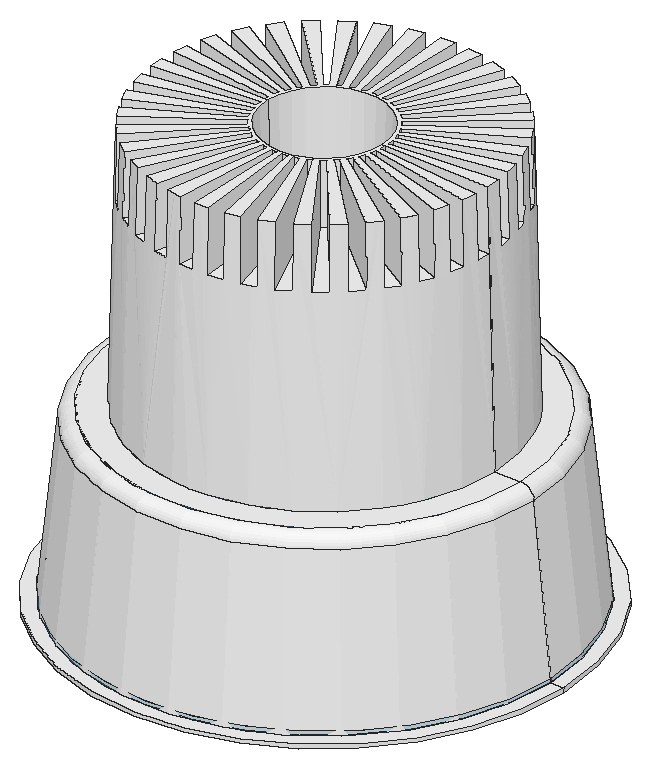
Revit family "RA 8 L TL DIXIT LED", category Lighting Fixtures, host Ceiling, Revit 2019
Family settings
  Host = Ceiling
  Round Connector Dimension = Use Diameter
  Part Type = Normal
  OmniClass Number = 23.80.70.11
  OmniClass Title = Luminaries for Internal Lighting
  Always vertical = No
  Cut with Voids When Loaded = No
  Light Source = Yes
  Shared = No
  Room Calculation Point = No
Parameters (values of type "RA 8 L TL DIXIT LED 550lm 5.5W 3000K CRI90 26° Refl-WHITE-DALI")
  Wattage = 3.70266 W
  built-in parameter 1150110 = 1 (stored number, unit not read)
  URL = "https://www.aria.lighting/prodotti/interni/incassi/ra-8-tl-ra-8-l-tl-dixit-led"
  Type Image = RA8L_TL_DIXIT_LED_TAB-Sito-Ivela.jpg
  Type Comments = "Ceiling recessed light"
  Tilt Angle = 90.00°
  Photometric Web File = "RA 8 DIXIT LED 5,5W 550lm 3000K CRI90 26°.IES"
  built-in parameter 1150142 = "IESNA:LM-63-2002\r\n[TEST] 238-25 TYRA S/06-10-2016 / Ferrandino\r\n[TESTLAB] ies2eulumdat.appspot.com\r\n[ISSUEDATE] 2021-07-22T10:29:50.313\r\n[MANUFAC] IVELA SpA\r\n[LUMCAT] 237-239BN\r\n[LUMINAIRE] RA 8 D. L. 5,5W 550lm 3K CRI90 26°\r\n[LAMPCAT] LED- RA8 5,5W 3K 90\r\n[LAMP] LED- RA8 5,5W 3K 90\r\nTILT=NONE\r\n1\t501\t1\t37\t1\t1\t2\t-0.050\t-0.050\t0\r\n1.0\t1.0\t5.00\r\n0\t 5\t 10\t 15\t 20\t 25\t 30\t 35\t 40\t 45\r\n50\t 55\t 60\t 65\t 70\t 75\t 80\t 85\t 90\t 95\r\n100\t 105\t 110\t 115\t 120\t 125\t 130\t 135\t 140\t 145\r\n150\t 155\t 160\t 165\t 170\t 175\t 180\r\n0\r\n1297.0381\t1146.3959\t878.4815\t615.3282\t434.0124\t294.5876\t178.045\t69.3955\t27.7209\t18.4187\r\n13.1715\t10.2631\t8.2253\t6.6452\t4.8323\t3.3953\t1.9671\t0.8345\t0\t0\r\n0\t0\t0\t0\t0\t0\t0\t0\t0\t0\r\n0\t0\t0\t0\t0\t0\t0"
  Model = "234-239BN-21"
  Manufacturer = "ARIA"
  Larghezza = 96 mm
  Lamp = "LED 550lm 5.5W 3000K CRI90"
  built-in parameter 1114217 = 1 (stored number, unit not read)
  built-in parameter 1150109 = 1 (stored number, unit not read)
  Wattage Comments = "5.5"
  built-in parameter 1150134 = (empty or 0)
  built-in parameter 1150113 = 1 (stored number, unit not read)
  Lumens = 550 lm
  built-in parameter 1150115 = 1 (stored number, unit not read)
  built-in parameter 1150105 = 1423.9 (stored number, unit not read)
  built-in parameter 1150137 = (empty or 0)
  built-in parameter 1150139 = (empty or 0)
  built-in parameter 1150112 = 1 (stored number, unit not read)
  built-in parameter 1150114 = 1 (stored number, unit not read)
  built-in parameter 1150132 = 2
  built-in parameter 1150102 = (empty or 0)
  built-in parameter 1150138 = (empty or 0)
  built-in parameter 1150107 = 3000 (stored number, unit not read)
  built-in parameter 1150106 = 14.239 (stored number, unit not read)
  Glass material = Glass
  built-in parameter 1150104 = 13.8 (stored number, unit not read)
  Effective Intensity (lm) = 501
  Dimming Lamp Color Temperature Shift = <None>
  Description = "Incassi professionali ad ottica fissa, in grado di offrire elevate prestazioni illuminotecniche grazie all’utilizzo di sorgenti LED COB di ultima generazione e ad un’accurata progettazione. \r\nLa finitura a filo soffitto che caratterizza RA 8 TL Dixit LED, fa si che la luce si integri negli ambienti e ne diventi protagonista in modo morbido e non invasivo. La varietà di fasci di luce degli apparecchi permette di illuminare in modo diretto e ben controllato piccole e grandi superfici. L’elevato rendimento luminoso di RA 8 TL Dixit LED si coniuga con contenuti valori di luminanza e livelli di abbagliamento estremamente ridotti, consentendo un ottimo comfort visivo.\r\nI driver sono da ordinare separatamente, la potenza dell’apparecchio varia a seconda del driver scelto.\r\nGrado di protezione IP44."
  Corrente driver (mA) = "350mA dimmerabile DALI"
  Color Filter = 16777215
  Codice = "234-239BN-21"
  CRI L'indice di Resa Cromatica = "90"
  Body material = White Powder Coated Aluminium
  Beam angle (°) = "26° Refl."
  built-in parameter 1114218 = 1 (stored number, unit not read)
  built-in parameter 1150133 = 10 (stored number, unit not read)
Types (12, lengths in mm): name | Wattage | Photometric Web File | built-in parameter 1150142 | Lamp | Wattage Comments | Lumens | built-in parameter 1150105 | built-in parameter 1150106 | Effective Intensity (lm) | Corrente driver (mA) | Beam angle (°)
  RA 8 L TL DIXIT LED 550lm 5.5W 3000K CRI90 26° Refl-WHITE-regolabile | 3.70266 W | "RA 8 DIXIT LED 5,5W 550lm 3000K CRI90 26°.IES" | "IESNA:LM-63-2002\r\n[TEST] 238-25 TYRA S/06-10-2016 / Ferrandino\r\n[TESTLAB] ies2eulumdat.appspot.com\r\n[ISSUEDATE] 2021-07-22T10:29:50.313\r\n[MANUFAC] IVELA SpA\r\n[LUMCAT] 237-239BN\r\n[LUMINAIRE] RA 8 D. L. 5,5W 550lm 3K CRI90 26°\r\n[LAMPCAT] LED- RA8 5,5W 3K 90\r\n[LAMP] LED- RA8 5,5W 3K 90\r\nTILT=NONE\r\n1\t501\t1\t37\t1\t1\t2\t-0.050\t-0.050\t0\r\n1.0\t1.0\t5.00\r\n0\t 5\t 10\t 15\t 20\t 25\t 30\t 35\t 40\t 45\r\n50\t 55\t 60\t 65\t 70\t 75\t 80\t 85\t 90\t 95\r\n100\t 105\t 110\t 115\t 120\t 125\t 130\t 135\t 140\t 145\r\n150\t 155\t 160\t 165\t 170\t 175\t 180\r\n0\r\n1297.0381\t1146.3959\t878.4815\t615.3282\t434.0124\t294.5876\t178.045\t69.3955\t27.7209\t18.4187\r\n13.1715\t10.2631\t8.2253\t6.6452\t4.8323\t3.3953\t1.9671\t0.8345\t0\t0\r\n0\t0\t0\t0\t0\t0\t0\t0\t0\t0\r\n0\t0\t0\t0\t0\t0\t0" | "LED 550lm 5.5W 3000K CRI90" | "5.5" | 550 lm | 1423.9 (stored number, unit not read) | 14.239 (stored number, unit not read) | 501 | "350mA regolabile sul taglio di fase e 1-10V" | "26° Refl."
  RA 8 L TL DIXIT LED 550lm 5.5W 3000K CRI90 45° Refl-WHITE-regolabile | 3.70266 W | "RA 8 DIXIT LED 5,5W 550lm 3000K CRI90 45°.IES" | "IESNA:LM-63-2002\r\n[TEST] 238-25 TYRA W/03-10-2016 / Ferrandino\r\n[TESTLAB] ies2eulumdat.appspot.com\r\n[ISSUEDATE] 2021-07-22T10:30:11.921\r\n[MANUFAC] IVELA SpA\r\n[LUMCAT] 237-239BN\r\n[LUMINAIRE] RA 8 D. L. 5,5W 550lm 3K CRI90 45°\r\n[LAMPCAT] LED- RA8 5,5W 3K 90\r\n[LAMP] LED- RA8 5,5W 3K 90\r\nTILT=NONE\r\n1\t501\t1\t37\t1\t1\t2\t-0.050\t-0.050\t0\r\n1.0\t1.0\t5.00\r\n0\t 5\t 10\t 15\t 20\t 25\t 30\t 35\t 40\t 45\r\n50\t 55\t 60\t 65\t 70\t 75\t 80\t 85\t 90\t 95\r\n100\t 105\t 110\t 115\t 120\t 125\t 130\t 135\t 140\t 145\r\n150\t 155\t 160\t 165\t 170\t 175\t 180\r\n0\r\n837.9074\t800.3888\t713.8317\t598.3055\t477.6929\t357.4668\t223.6625\t85.3976\t31.9828\t19.2714\r\n12.9141\t10.2246\t8.0051\t5.2746\t3.9476\t2.7007\t1.6144\t0.6785\t0\t0\r\n0\t0\t0\t0\t0\t0\t0\t0\t0\t0\r\n0\t0\t0\t0\t0\t0\t0" | "LED 550lm 5.5W 3000K CRI90" | "5.5" | 550 lm | 1423.9 (stored number, unit not read) | 14.239 (stored number, unit not read) | 501 | "350mA regolabile sul taglio di fase e 1-10V" | "45° Refl."
  RA 8 L TL DIXIT LED 550lm 5.5W 3000K CRI90 65° Refl-WHITE-regolabile | 3.70266 W | "RA 8 DIXIT LED 5,5W 550lm 3000K CRI90 65°.IES" | "IESNA:LM-63-2002\r\n[TEST] 238-25 TYRA XW/05-10-2016 / Ferrandino\r\n[TESTLAB] ies2eulumdat.appspot.com\r\n[ISSUEDATE] 2021-07-22T10:30:42.327\r\n[MANUFAC] IVELA SpA\r\n[LUMCAT] 237-239BN\r\n[LUMINAIRE] RA 8 D. L. 5,5W 550lm 3K CRI90 65°\r\n[LAMPCAT] LED- RA8 5,5W 3K 90\r\n[LAMP] LED- RA8 5,5W 3K 90\r\nTILT=NONE\r\n1\t501\t1\t37\t1\t1\t2\t-0.050\t-0.050\t0\r\n1.0\t1.0\t5.00\r\n0\t 5\t 10\t 15\t 20\t 25\t 30\t 35\t 40\t 45\r\n50\t 55\t 60\t 65\t 70\t 75\t 80\t 85\t 90\t 95\r\n100\t 105\t 110\t 115\t 120\t 125\t 130\t 135\t 140\t 145\r\n150\t 155\t 160\t 165\t 170\t 175\t 180\r\n0\r\n385.0697\t381.5809\t370.115\t351.8088\t331.4738\t305.9306\t245.2124\t156.0993\t99.4791\t74.1479\r\n56.1782\t41.3108\t29.7634\t20.9699\t13.0693\t7.4013\t4.084\t1.6073\t0\t0\r\n0\t0\t0\t0\t0\t0\t0\t0\t0\t0\r\n0\t0\t0\t0\t0\t0\t0" | "LED 550lm 5.5W 3000K CRI90" | "5.5" | 550 lm | 1423.9 (stored number, unit not read) | 14.239 (stored number, unit not read) | 501 | "350mA regolabile sul taglio di fase e 1-10V" | "65° Refl."
  RA 8 L TL DIXIT LED 550lm 5.5W 3000K CRI90 26° Refl-WHITE-DALI | 3.70266 W | "RA 8 DIXIT LED 5,5W 550lm 3000K CRI90 26°.IES" | "IESNA:LM-63-2002\r\n[TEST] 238-25 TYRA S/06-10-2016 / Ferrandino\r\n[TESTLAB] ies2eulumdat.appspot.com\r\n[ISSUEDATE] 2021-07-22T10:29:50.313\r\n[MANUFAC] IVELA SpA\r\n[LUMCAT] 237-239BN\r\n[LUMINAIRE] RA 8 D. L. 5,5W 550lm 3K CRI90 26°\r\n[LAMPCAT] LED- RA8 5,5W 3K 90\r\n[LAMP] LED- RA8 5,5W 3K 90\r\nTILT=NONE\r\n1\t501\t1\t37\t1\t1\t2\t-0.050\t-0.050\t0\r\n1.0\t1.0\t5.00\r\n0\t 5\t 10\t 15\t 20\t 25\t 30\t 35\t 40\t 45\r\n50\t 55\t 60\t 65\t 70\t 75\t 80\t 85\t 90\t 95\r\n100\t 105\t 110\t 115\t 120\t 125\t 130\t 135\t 140\t 145\r\n150\t 155\t 160\t 165\t 170\t 175\t 180\r\n0\r\n1297.0381\t1146.3959\t878.4815\t615.3282\t434.0124\t294.5876\t178.045\t69.3955\t27.7209\t18.4187\r\n13.1715\t10.2631\t8.2253\t6.6452\t4.8323\t3.3953\t1.9671\t0.8345\t0\t0\r\n0\t0\t0\t0\t0\t0\t0\t0\t0\t0\r\n0\t0\t0\t0\t0\t0\t0" | "LED 550lm 5.5W 3000K CRI90" | "5.5" | 550 lm | 1423.9 (stored number, unit not read) | 14.239 (stored number, unit not read) | 501 | "350mA dimmerabile DALI" | "26° Refl."
  RA 8 L TL DIXIT LED 550lm 5.5W 3000K CRI90 45° Refl-WHITE-DALI | 3.70266 W | "RA 8 DIXIT LED 5,5W 550lm 3000K CRI90 45°.IES" | "IESNA:LM-63-2002\r\n[TEST] 238-25 TYRA W/03-10-2016 / Ferrandino\r\n[TESTLAB] ies2eulumdat.appspot.com\r\n[ISSUEDATE] 2021-07-22T10:30:11.921\r\n[MANUFAC] IVELA SpA\r\n[LUMCAT] 237-239BN\r\n[LUMINAIRE] RA 8 D. L. 5,5W 550lm 3K CRI90 45°\r\n[LAMPCAT] LED- RA8 5,5W 3K 90\r\n[LAMP] LED- RA8 5,5W 3K 90\r\nTILT=NONE\r\n1\t501\t1\t37\t1\t1\t2\t-0.050\t-0.050\t0\r\n1.0\t1.0\t5.00\r\n0\t 5\t 10\t 15\t 20\t 25\t 30\t 35\t 40\t 45\r\n50\t 55\t 60\t 65\t 70\t 75\t 80\t 85\t 90\t 95\r\n100\t 105\t 110\t 115\t 120\t 125\t 130\t 135\t 140\t 145\r\n150\t 155\t 160\t 165\t 170\t 175\t 180\r\n0\r\n837.9074\t800.3888\t713.8317\t598.3055\t477.6929\t357.4668\t223.6625\t85.3976\t31.9828\t19.2714\r\n12.9141\t10.2246\t8.0051\t5.2746\t3.9476\t2.7007\t1.6144\t0.6785\t0\t0\r\n0\t0\t0\t0\t0\t0\t0\t0\t0\t0\r\n0\t0\t0\t0\t0\t0\t0" | "LED 550lm 5.5W 3000K CRI90" | "5.5" | 550 lm | 1423.9 (stored number, unit not read) | 14.239 (stored number, unit not read) | 501 | "350mA dimmerabile DALI" | "45° Refl."
  RA 8 L TL DIXIT LED 550lm 5.5W 3000K CRI90 65° Refl-WHITE-DALI | 3.70266 W | "RA 8 DIXIT LED 5,5W 550lm 3000K CRI90 65°.IES" | "IESNA:LM-63-2002\r\n[TEST] 238-25 TYRA XW/05-10-2016 / Ferrandino\r\n[TESTLAB] ies2eulumdat.appspot.com\r\n[ISSUEDATE] 2021-07-22T10:30:42.327\r\n[MANUFAC] IVELA SpA\r\n[LUMCAT] 237-239BN\r\n[LUMINAIRE] RA 8 D. L. 5,5W 550lm 3K CRI90 65°\r\n[LAMPCAT] LED- RA8 5,5W 3K 90\r\n[LAMP] LED- RA8 5,5W 3K 90\r\nTILT=NONE\r\n1\t501\t1\t37\t1\t1\t2\t-0.050\t-0.050\t0\r\n1.0\t1.0\t5.00\r\n0\t 5\t 10\t 15\t 20\t 25\t 30\t 35\t 40\t 45\r\n50\t 55\t 60\t 65\t 70\t 75\t 80\t 85\t 90\t 95\r\n100\t 105\t 110\t 115\t 120\t 125\t 130\t 135\t 140\t 145\r\n150\t 155\t 160\t 165\t 170\t 175\t 180\r\n0\r\n385.0697\t381.5809\t370.115\t351.8088\t331.4738\t305.9306\t245.2124\t156.0993\t99.4791\t74.1479\r\n56.1782\t41.3108\t29.7634\t20.9699\t13.0693\t7.4013\t4.084\t1.6073\t0\t0\r\n0\t0\t0\t0\t0\t0\t0\t0\t0\t0\r\n0\t0\t0\t0\t0\t0\t0" | "LED 550lm 5.5W 3000K CRI90" | "5.5" | 550 lm | 1423.9 (stored number, unit not read) | 14.239 (stored number, unit not read) | 501 | "350mA dimmerabile DALI" | "65° Refl."
  RA 8 L TL DIXIT LED 700lm 8.5W 3000K CRI90 26° Refl-WHITE-regolabile | 4.71247 W | "RA 8 DIXIT LED 8,5W 700lm 3000K CRI90 26°.IES" | "IESNA:LM-63-2002\r\n[TEST] 238-25 TYRA S/06-10-2016 / Ferrandino\r\n[TESTLAB] ies2eulumdat.appspot.com\r\n[ISSUEDATE] 2021-07-22T10:31:11.086\r\n[MANUFAC] IVELA SpA\r\n[LUMCAT] 237-239BN\r\n[LUMINAIRE] RA 8 DIXIT LED 8,5W 700 lm 26°\r\n[LAMPCAT] LED- RA 8 8,5W 3K\r\n[LAMP] LED- RA 8 8,5W 3K\r\nTILT=NONE\r\n1\t638\t1\t37\t1\t1\t2\t-0.050\t-0.050\t0\r\n1.0\t1.0\t8.00\r\n0\t 5\t 10\t 15\t 20\t 25\t 30\t 35\t 40\t 45\r\n50\t 55\t 60\t 65\t 70\t 75\t 80\t 85\t 90\t 95\r\n100\t 105\t 110\t 115\t 120\t 125\t 130\t 135\t 140\t 145\r\n150\t 155\t 160\t 165\t 170\t 175\t 180\r\n0\r\n1651.7172\t1459.8814\t1118.705\t783.5916\t552.6944\t375.1435\t226.7319\t88.3719\t35.3013\t23.4554\r\n16.7733\t13.0696\t10.4746\t8.4623\t6.1537\t4.3238\t2.505\t1.0627\t0\t0\r\n0\t0\t0\t0\t0\t0\t0\t0\t0\t0\r\n0\t0\t0\t0\t0\t0\t0" | "LED 700lm 8.5W 3000K CRI90" | "8.5" | 700 lm | 1812.2 (stored number, unit not read) | 18.122 (stored number, unit not read) | 638 | "500mA regolabile sul taglio di fase e 1-10V" | "26° Refl."
  RA 8 L TL DIXIT LED 700lm 8.5W 3000K CRI90 45° Refl-WHITE-regolabile | 4.71247 W | "RA 8 DIXIT LED 8,5W 700lm 3000K CRI90 45°.IES" | "IESNA:LM-63-2002\r\n[TEST] 238-25 TYRA W/03-10-2016 / Ferrandino\r\n[TESTLAB] ies2eulumdat.appspot.com\r\n[ISSUEDATE] 2021-07-22T10:31:36.906\r\n[MANUFAC] IVELA SpA\r\n[LUMCAT] 237-239BN\r\n[LUMINAIRE] RA 8 DIXIT LED 8,5W 700 lm 45°\r\n[LAMPCAT] LED- RA 8 8,5W 3K\r\n[LAMP] LED- RA 8 8,5W 3K\r\nTILT=NONE\r\n1\t638\t1\t37\t1\t1\t2\t-0.050\t-0.050\t0\r\n1.0\t1.0\t8.00\r\n0\t 5\t 10\t 15\t 20\t 25\t 30\t 35\t 40\t 45\r\n50\t 55\t 60\t 65\t 70\t 75\t 80\t 85\t 90\t 95\r\n100\t 105\t 110\t 115\t 120\t 125\t 130\t 135\t 140\t 145\r\n150\t 155\t 160\t 165\t 170\t 175\t 180\r\n0\r\n1067.0358\t1019.2576\t909.0312\t761.914\t608.3195\t455.2172\t284.8237\t108.7498\t40.7286\t24.5413\r\n16.4456\t13.0205\t10.1942\t6.7169\t5.0271\t3.4392\t2.0558\t0.864\t0\t0\r\n0\t0\t0\t0\t0\t0\t0\t0\t0\t0\r\n0\t0\t0\t0\t0\t0\t0" | "LED 700lm 8.5W 3000K CRI90" | "8.5" | 700 lm | 1812.2 (stored number, unit not read) | 18.122 (stored number, unit not read) | 638 | "500mA regolabile sul taglio di fase e 1-10V" | "45° Refl."
  RA 8 L TL DIXIT LED 700lm 8.5W 3000K CRI90 65° Refl-WHITE-regolabile | 4.71247 W | "RA 8 DIXIT LED 8,5W 700lm 3000K CRI90 65°.IES" | "IESNA:LM-63-2002\r\n[TEST] 238-25 TYRA XW/05-10-2016 / Ferrandino\r\n[TESTLAB] ies2eulumdat.appspot.com\r\n[ISSUEDATE] 2021-07-22T10:32:03.140\r\n[MANUFAC] IVELA SpA\r\n[LUMCAT] 237-239BN\r\n[LUMINAIRE] RA 8 DIXIT LED 8,5W 700 lm 65°\r\n[LAMPCAT] LED- RA 8 8,5W 3K\r\n[LAMP] LED- RA 8 8,5W 3K\r\nTILT=NONE\r\n1\t638\t1\t37\t1\t1\t2\t-0.050\t-0.050\t0\r\n1.0\t1.0\t8.00\r\n0\t 5\t 10\t 15\t 20\t 25\t 30\t 35\t 40\t 45\r\n50\t 55\t 60\t 65\t 70\t 75\t 80\t 85\t 90\t 95\r\n100\t 105\t 110\t 115\t 120\t 125\t 130\t 135\t 140\t 145\r\n150\t 155\t 160\t 165\t 170\t 175\t 180\r\n0\r\n490.3681\t485.9254\t471.3241\t448.012\t422.1163\t389.5883\t312.2665\t198.7852\t126.682\t94.4239\r\n71.5402\t52.6074\t37.9022\t26.7042\t16.6431\t9.4252\t5.2008\t2.0469\t0\t0\r\n0\t0\t0\t0\t0\t0\t0\t0\t0\t0\r\n0\t0\t0\t0\t0\t0\t0" | "LED 700lm 8.5W 3000K CRI90" | "8.5" | 700 lm | 1812.2 (stored number, unit not read) | 18.122 (stored number, unit not read) | 638 | "500mA regolabile sul taglio di fase e 1-10V" | "65° Refl."
  RA 8 L TL DIXIT LED 700lm 8.5W 3000K CRI90 26° Refl-WHITE-DALI | 4.71247 W | "RA 8 DIXIT LED 8,5W 700lm 3000K CRI90 26°.IES" | "IESNA:LM-63-2002\r\n[TEST] 238-25 TYRA S/06-10-2016 / Ferrandino\r\n[TESTLAB] ies2eulumdat.appspot.com\r\n[ISSUEDATE] 2021-07-22T10:31:11.086\r\n[MANUFAC] IVELA SpA\r\n[LUMCAT] 237-239BN\r\n[LUMINAIRE] RA 8 DIXIT LED 8,5W 700 lm 26°\r\n[LAMPCAT] LED- RA 8 8,5W 3K\r\n[LAMP] LED- RA 8 8,5W 3K\r\nTILT=NONE\r\n1\t638\t1\t37\t1\t1\t2\t-0.050\t-0.050\t0\r\n1.0\t1.0\t8.00\r\n0\t 5\t 10\t 15\t 20\t 25\t 30\t 35\t 40\t 45\r\n50\t 55\t 60\t 65\t 70\t 75\t 80\t 85\t 90\t 95\r\n100\t 105\t 110\t 115\t 120\t 125\t 130\t 135\t 140\t 145\r\n150\t 155\t 160\t 165\t 170\t 175\t 180\r\n0\r\n1651.7172\t1459.8814\t1118.705\t783.5916\t552.6944\t375.1435\t226.7319\t88.3719\t35.3013\t23.4554\r\n16.7733\t13.0696\t10.4746\t8.4623\t6.1537\t4.3238\t2.505\t1.0627\t0\t0\r\n0\t0\t0\t0\t0\t0\t0\t0\t0\t0\r\n0\t0\t0\t0\t0\t0\t0" | "LED 700lm 8.5W 3000K CRI90" | "8.5" | 700 lm | 1812.2 (stored number, unit not read) | 18.122 (stored number, unit not read) | 638 | "500mA dimmerabile DALI" | "26° Refl."
  RA 8 L TL DIXIT LED 700lm 8.5W 3000K CRI90 45° Refl-WHITE-DALI | 4.71247 W | "RA 8 DIXIT LED 8,5W 700lm 3000K CRI90 45°.IES" | "IESNA:LM-63-2002\r\n[TEST] 238-25 TYRA W/03-10-2016 / Ferrandino\r\n[TESTLAB] ies2eulumdat.appspot.com\r\n[ISSUEDATE] 2021-07-22T10:31:36.906\r\n[MANUFAC] IVELA SpA\r\n[LUMCAT] 237-239BN\r\n[LUMINAIRE] RA 8 DIXIT LED 8,5W 700 lm 45°\r\n[LAMPCAT] LED- RA 8 8,5W 3K\r\n[LAMP] LED- RA 8 8,5W 3K\r\nTILT=NONE\r\n1\t638\t1\t37\t1\t1\t2\t-0.050\t-0.050\t0\r\n1.0\t1.0\t8.00\r\n0\t 5\t 10\t 15\t 20\t 25\t 30\t 35\t 40\t 45\r\n50\t 55\t 60\t 65\t 70\t 75\t 80\t 85\t 90\t 95\r\n100\t 105\t 110\t 115\t 120\t 125\t 130\t 135\t 140\t 145\r\n150\t 155\t 160\t 165\t 170\t 175\t 180\r\n0\r\n1067.0358\t1019.2576\t909.0312\t761.914\t608.3195\t455.2172\t284.8237\t108.7498\t40.7286\t24.5413\r\n16.4456\t13.0205\t10.1942\t6.7169\t5.0271\t3.4392\t2.0558\t0.864\t0\t0\r\n0\t0\t0\t0\t0\t0\t0\t0\t0\t0\r\n0\t0\t0\t0\t0\t0\t0" | "LED 700lm 8.5W 3000K CRI90" | "8.5" | 700 lm | 1812.2 (stored number, unit not read) | 18.122 (stored number, unit not read) | 638 | "500mA dimmerabile DALI" | "45° Refl."
  RA 8 L TL DIXIT LED 700lm 8.5W 3000K CRI90 65° Refl-WHITE-DALI | 4.71247 W | "RA 8 DIXIT LED 8,5W 700lm 3000K CRI90 65°.IES" | "IESNA:LM-63-2002\r\n[TEST] 238-25 TYRA XW/05-10-2016 / Ferrandino\r\n[TESTLAB] ies2eulumdat.appspot.com\r\n[ISSUEDATE] 2021-07-22T10:32:03.140\r\n[MANUFAC] IVELA SpA\r\n[LUMCAT] 237-239BN\r\n[LUMINAIRE] RA 8 DIXIT LED 8,5W 700 lm 65°\r\n[LAMPCAT] LED- RA 8 8,5W 3K\r\n[LAMP] LED- RA 8 8,5W 3K\r\nTILT=NONE\r\n1\t638\t1\t37\t1\t1\t2\t-0.050\t-0.050\t0\r\n1.0\t1.0\t8.00\r\n0\t 5\t 10\t 15\t 20\t 25\t 30\t 35\t 40\t 45\r\n50\t 55\t 60\t 65\t 70\t 75\t 80\t 85\t 90\t 95\r\n100\t 105\t 110\t 115\t 120\t 125\t 130\t 135\t 140\t 145\r\n150\t 155\t 160\t 165\t 170\t 175\t 180\r\n0\r\n490.3681\t485.9254\t471.3241\t448.012\t422.1163\t389.5883\t312.2665\t198.7852\t126.682\t94.4239\r\n71.5402\t52.6074\t37.9022\t26.7042\t16.6431\t9.4252\t5.2008\t2.0469\t0\t0\r\n0\t0\t0\t0\t0\t0\t0\t0\t0\t0\r\n0\t0\t0\t0\t0\t0\t0" | "LED 700lm 8.5W 3000K CRI90" | "8.5" | 700 lm | 1812.2 (stored number, unit not read) | 18.122 (stored number, unit not read) | 638 | "500mA dimmerabile DALI" | "65° Refl."
Reference planes
  plane 1 "Light Source Axis (F/B)": y = 0
  plane 2: z = 0
  plane 3 "Light Source Axis (L/R)": x = 0
  plane 4 "Ceiling": z = 4000
  plane 5 "Light Source Elevation": z = 4000
  plane 6: x = -48
  plane 7: x = 48
  plane 8: z = 4085
Forms (mm)
  Revolve 1, solid, material "White Powder Coated Aluminium" <- "Body material"
    sketch origin (0, 0, 0) x (1, 0, 0) y (0, 0, 1)
      loop
        line (-45.317, 4000) -> (-48, 4000) -> (-48, 3999.2) -> (-45.317, 3999.2) -> (-45.317, 4000)
      axis (0, 4000) -> (0, 3999)
    angle from 0 to 360
  Extrusion 2, solid, material "Glass" <- "Glass material"
    sketch origin (0, 0, 4000) x (0, 1, 0) y (-1, 0, 0)
      loop
        circle (0, 0) r 45.317
    from 0 to 0.8
  Revolve 3, solid, material "White Powder Coated Aluminium" <- "Body material"
    sketch origin (0, 0, 0) x (1, 0, 0) y (0, 0, 1)
      loop
        line (-11.463, 4084.941) -> (-32.778, 4084.941) -> (-34.065, 4034.065) -> (-39.321, 4034.065)
        arc (-39.321, 4034.065) -> (-41.119, 4033.374) -> (-41.993, 4031.657) r 2.686
        line (-41.993, 4031.657) -> (-45.296, 4000) -> (-24.063, 4034.065) -> (-4.982, 4034.065) -> (-4.982, 4040.258) -> (-10.515, 4040.258)
        arc (-10.515, 4040.258) -> (-10.887, 4040.412) -> (-11.041, 4040.784) r 0.526
        line (-11.041, 4040.784) -> (-11.041, 4055.841) -> (-4.357, 4055.841) -> (-4.357, 4054.61)
        arc (-4.357, 4054.61) -> (-4.507, 4054.247) -> (-4.87, 4054.097) r 0.514
        line (-4.87, 4054.097) -> (-7.57, 4054.097)
        arc (-7.57, 4054.097) -> (-8.171, 4053.848) -> (-8.42, 4053.247) r 0.85
        line (-8.42, 4053.247) -> (-8.42, 4051.265)
        arc (-8.42, 4051.265) -> (-8.181, 4050.688) -> (-7.604, 4050.449) r 0.816
        line (-7.604, 4050.449) -> (-4.864, 4050.449)
        arc (-4.864, 4050.449) -> (-4.505, 4050.301) -> (-4.357, 4049.943) r 0.507
        line (-4.357, 4049.943) -> (-4.357, 4048.598)
        arc (-4.357, 4048.598) -> (-4.503, 4048.246) -> (-4.855, 4048.1) r 0.498
        line (-4.855, 4048.1) -> (-7.586, 4048.1)
        arc (-7.586, 4048.1) -> (-8.176, 4047.856) -> (-8.42, 4047.266) r 0.834
        line (-8.42, 4047.266) -> (-8.42, 4045.289)
        arc (-8.42, 4045.289) -> (-8.172, 4044.69) -> (-7.573, 4044.442) r 0.847
        line (-7.573, 4044.442) -> (0, 4044.442) -> (0, 4056.819) -> (-10.637, 4056.819) -> (-11.463, 4084.941)
      axis (0, 4084.941) -> (0, 4000)
    angle from 0 to 360
  Extrusion 4, void
    sketch origin (0, 0, 4000) x (0, 1, 0) y (1, 0, 0)
      loop
        line (2.99, 34.179) -> (1.054, 12.047)
        arc (1.054, 12.047) -> (1.578, 11.99) -> (2.1, 11.909) r 12.093
        line (2.1, 11.909) -> (5.958, 33.789)
        arc (5.958, 33.789) -> (4.478, 34.016) -> (2.99, 34.179) r 34.31
      loop
        arc (0, 34.31) -> (-1.497, 34.277) -> (-2.99, 34.179) r 34.31
        line (-2.99, 34.179) -> (-1.054, 12.047)
        arc (-1.054, 12.047) -> (-0.527, 12.082) -> (0, 12.093) r 12.093
        line (0, 12.093) -> (0, 34.31)
      loop
        line (-2.1, 11.909) -> (-5.958, 33.789)
        arc (-5.958, 33.789) -> (-7.426, 33.497) -> (-8.88, 33.141) r 34.31
        line (-8.88, 33.141) -> (-3.13, 11.681)
        arc (-3.13, 11.681) -> (-2.617, 11.806) -> (-2.1, 11.909) r 12.093
      loop
        line (-4.136, 11.364) -> (-11.735, 32.241)
        arc (-11.735, 32.241) -> (-13.13, 31.698) -> (-14.5, 31.095) r 34.31
        line (-14.5, 31.095) -> (-5.111, 10.96)
        arc (-5.111, 10.96) -> (-4.628, 11.172) -> (-4.136, 11.364) r 12.093
      loop
        line (-6.047, 10.473) -> (-17.155, 29.713)
        arc (-17.155, 29.713) -> (-18.435, 28.937) -> (-19.679, 28.105) r 34.31
        line (-19.679, 28.105) -> (-6.936, 9.906)
        arc (-6.936, 9.906) -> (-6.498, 10.199) -> (-6.047, 10.473) r 12.093
      loop
        line (-7.773, 9.264) -> (-22.054, 26.283)
        arc (-22.054, 26.283) -> (-23.179, 25.296) -> (-24.261, 24.261) r 34.31
        line (-24.261, 24.261) -> (-8.551, 8.551)
        arc (-8.551, 8.551) -> (-8.17, 8.916) -> (-7.773, 9.264) r 12.093
      loop
        arc (-9.906, 6.936) -> (-9.594, 7.362) -> (-9.264, 7.773) r 12.093
        line (-9.264, 7.773) -> (-26.283, 22.054)
        arc (-26.283, 22.054) -> (-27.22, 20.886) -> (-28.105, 19.679) r 34.31
        line (-28.105, 19.679) -> (-9.906, 6.936)
      loop
        line (-11.364, 4.136) -> (-32.241, 11.735)
        arc (-32.241, 11.735) -> (-32.722, 10.317) -> (-33.141, 8.88) r 34.31
        line (-33.141, 8.88) -> (-11.681, 3.13)
        arc (-11.681, 3.13) -> (-11.533, 3.636) -> (-11.364, 4.136) r 12.093
      loop
        line (-12.093, 0) -> (-34.31, 0)
        arc (-34.31, 0) -> (-34.277, -1.497) -> (-34.179, -2.99) r 34.31
        line (-34.179, -2.99) -> (-12.047, -1.054)
        arc (-12.047, -1.054) -> (-12.082, -0.527) -> (-12.093, 0) r 12.093
      loop
        line (-11.909, 2.1) -> (-33.789, 5.958)
        arc (-33.789, 5.958) -> (-34.016, 4.478) -> (-34.179, 2.99) r 34.31
        line (-34.179, 2.99) -> (-12.047, 1.054)
        arc (-12.047, 1.054) -> (-11.99, 1.578) -> (-11.909, 2.1) r 12.093
      loop
        line (-10.473, 6.047) -> (-29.713, 17.155)
        arc (-29.713, 17.155) -> (-30.433, 15.843) -> (-31.095, 14.5) r 34.31
        line (-31.095, 14.5) -> (-10.96, 5.111)
        arc (-10.96, 5.111) -> (-10.727, 5.584) -> (-10.473, 6.047) r 12.093
      loop
        arc (-1.054, -12.047) -> (-1.578, -11.99) -> (-2.1, -11.909) r 12.093
        line (-2.1, -11.909) -> (-5.958, -33.789)
        arc (-5.958, -33.789) -> (-4.478, -34.016) -> (-2.99, -34.179) r 34.31
        line (-2.99, -34.179) -> (-1.054, -12.047)
      loop
        arc (-3.13, -11.681) -> (-3.636, -11.533) -> (-4.136, -11.364) r 12.093
        line (-4.136, -11.364) -> (-11.735, -32.241)
        arc (-11.735, -32.241) -> (-10.317, -32.722) -> (-8.88, -33.141) r 34.31
        line (-8.88, -33.141) -> (-3.13, -11.681)
      loop
        arc (-5.111, -10.96) -> (-5.584, -10.727) -> (-6.047, -10.473) r 12.093
        line (-6.047, -10.473) -> (-17.155, -29.713)
        arc (-17.155, -29.713) -> (-15.843, -30.433) -> (-14.5, -31.095) r 34.31
        line (-14.5, -31.095) -> (-5.111, -10.96)
      loop
        line (-7.773, -9.264) -> (-22.054, -26.283)
        arc (-22.054, -26.283) -> (-20.886, -27.22) -> (-19.679, -28.105) r 34.31
        line (-19.679, -28.105) -> (-6.936, -9.906)
        arc (-6.936, -9.906) -> (-7.362, -9.594) -> (-7.773, -9.264) r 12.093
      loop
        arc (-9.906, -6.936) -> (-10.199, -6.498) -> (-10.473, -6.047) r 12.093
        line (-10.473, -6.047) -> (-29.713, -17.155)
        arc (-29.713, -17.155) -> (-28.937, -18.435) -> (-28.105, -19.679) r 34.31
        line (-28.105, -19.679) -> (-9.906, -6.936)
      loop
        line (-11.364, -4.136) -> (-32.241, -11.735)
        arc (-32.241, -11.735) -> (-31.698, -13.13) -> (-31.095, -14.5) r 34.31
        line (-31.095, -14.5) -> (-10.96, -5.111)
        arc (-10.96, -5.111) -> (-11.172, -4.628) -> (-11.364, -4.136) r 12.093
      loop
        line (-11.909, -2.1) -> (-33.789, -5.958)
        arc (-33.789, -5.958) -> (-33.497, -7.426) -> (-33.141, -8.88) r 34.31
        line (-33.141, -8.88) -> (-11.681, -3.13)
        arc (-11.681, -3.13) -> (-11.806, -2.617) -> (-11.909, -2.1) r 12.093
      loop
        arc (-8.551, -8.551) -> (-8.916, -8.17) -> (-9.264, -7.773) r 12.093
        line (-9.264, -7.773) -> (-26.283, -22.054)
        arc (-26.283, -22.054) -> (-25.296, -23.179) -> (-24.261, -24.261) r 34.31
        line (-24.261, -24.261) -> (-8.551, -8.551)
      loop
        arc (3.13, 11.681) -> (3.636, 11.533) -> (4.136, 11.364) r 12.093
        line (4.136, 11.364) -> (11.735, 32.241)
        arc (11.735, 32.241) -> (10.317, 32.722) -> (8.88, 33.141) r 34.31
        line (8.88, 33.141) -> (3.13, 11.681)
      loop
        arc (5.111, 10.96) -> (5.584, 10.727) -> (6.047, 10.473) r 12.093
        line (6.047, 10.473) -> (17.155, 29.713)
        arc (17.155, 29.713) -> (15.843, 30.433) -> (14.5, 31.095) r 34.31
        line (14.5, 31.095) -> (5.111, 10.96)
      loop
        line (7.773, 9.264) -> (22.054, 26.283)
        arc (22.054, 26.283) -> (20.886, 27.22) -> (19.679, 28.105) r 34.31
        line (19.679, 28.105) -> (6.936, 9.906)
        arc (6.936, 9.906) -> (7.362, 9.594) -> (7.773, 9.264) r 12.093
      loop
        arc (9.906, 6.936) -> (10.199, 6.498) -> (10.473, 6.047) r 12.093
        line (10.473, 6.047) -> (29.713, 17.155)
        arc (29.713, 17.155) -> (28.937, 18.435) -> (28.105, 19.679) r 34.31
        line (28.105, 19.679) -> (9.906, 6.936)
      loop
        line (11.364, 4.136) -> (32.241, 11.735)
        arc (32.241, 11.735) -> (31.698, 13.13) -> (31.095, 14.5) r 34.31
        line (31.095, 14.5) -> (10.96, 5.111)
        arc (10.96, 5.111) -> (11.172, 4.628) -> (11.364, 4.136) r 12.093
      loop
        line (12.093, 0) -> (34.31, 0)
        arc (34.31, 0) -> (34.277, 1.497) -> (34.179, 2.99) r 34.31
        line (34.179, 2.99) -> (12.047, 1.054)
        arc (12.047, 1.054) -> (12.082, 0.527) -> (12.093, 0) r 12.093
      loop
        line (11.909, 2.1) -> (33.789, 5.958)
        arc (33.789, 5.958) -> (33.497, 7.426) -> (33.141, 8.88) r 34.31
        line (33.141, 8.88) -> (11.681, 3.13)
        arc (11.681, 3.13) -> (11.806, 2.617) -> (11.909, 2.1) r 12.093
      loop
        arc (8.551, 8.551) -> (8.916, 8.17) -> (9.264, 7.773) r 12.093
        line (9.264, 7.773) -> (26.283, 22.054)
        arc (26.283, 22.054) -> (25.296, 23.179) -> (24.261, 24.261) r 34.31
        line (24.261, 24.261) -> (8.551, 8.551)
      loop
        arc (1.054, -12.047) -> (0.527, -12.082) -> (0, -12.093) r 12.093
        line (0, -12.093) -> (0, -34.31)
        arc (0, -34.31) -> (1.497, -34.277) -> (2.99, -34.179) r 34.31
        line (2.99, -34.179) -> (1.054, -12.047)
      loop
        line (2.1, -11.909) -> (5.958, -33.789)
        arc (5.958, -33.789) -> (7.426, -33.497) -> (8.88, -33.141) r 34.31
        line (8.88, -33.141) -> (3.13, -11.681)
        arc (3.13, -11.681) -> (2.617, -11.806) -> (2.1, -11.909) r 12.093
      loop
        line (4.136, -11.364) -> (11.735, -32.241)
        arc (11.735, -32.241) -> (13.13, -31.698) -> (14.5, -31.095) r 34.31
        line (14.5, -31.095) -> (5.111, -10.96)
        arc (5.111, -10.96) -> (4.628, -11.172) -> (4.136, -11.364) r 12.093
      loop
        line (6.047, -10.473) -> (17.155, -29.713)
        arc (17.155, -29.713) -> (18.435, -28.937) -> (19.679, -28.105) r 34.31
        line (19.679, -28.105) -> (6.936, -9.906)
        arc (6.936, -9.906) -> (6.498, -10.199) -> (6.047, -10.473) r 12.093
      loop
        line (7.773, -9.264) -> (22.054, -26.283)
        arc (22.054, -26.283) -> (23.179, -25.296) -> (24.261, -24.261) r 34.31
        line (24.261, -24.261) -> (8.551, -8.551)
        arc (8.551, -8.551) -> (8.17, -8.916) -> (7.773, -9.264) r 12.093
      loop
        arc (9.906, -6.936) -> (9.594, -7.362) -> (9.264, -7.773) r 12.093
        line (9.264, -7.773) -> (26.283, -22.054)
        arc (26.283, -22.054) -> (27.22, -20.886) -> (28.105, -19.679) r 34.31
        line (28.105, -19.679) -> (9.906, -6.936)
      loop
        line (11.364, -4.136) -> (32.241, -11.735)
        arc (32.241, -11.735) -> (32.722, -10.317) -> (33.141, -8.88) r 34.31
        line (33.141, -8.88) -> (11.681, -3.13)
        arc (11.681, -3.13) -> (11.533, -3.636) -> (11.364, -4.136) r 12.093
      loop
        line (11.909, -2.1) -> (33.789, -5.958)
        arc (33.789, -5.958) -> (34.016, -4.478) -> (34.179, -2.99) r 34.31
        line (34.179, -2.99) -> (12.047, -1.054)
        arc (12.047, -1.054) -> (11.99, -1.578) -> (11.909, -2.1) r 12.093
      loop
        line (10.473, -6.047) -> (29.713, -17.155)
        arc (29.713, -17.155) -> (30.433, -15.843) -> (31.095, -14.5) r 34.31
        line (31.095, -14.5) -> (10.96, -5.111)
        arc (10.96, -5.111) -> (10.727, -5.584) -> (10.473, -6.047) r 12.093
    from -127.25 to -72.976
Cuts and joins
  Extrusion 4 cuts Revolve 1
  Extrusion 4 cuts Extrusion 2
  Extrusion 4 cuts Revolve 3
Lines and regions (mm)
  Opening 1
    outline origin (0, 0, 4000) x (1, 0, 0) y (0, 1, 0)
      loop
        circle (0, 0) r 46
Dimensions and locks
  equal spacing: host sketch curve, plane 3 "Light Source Axis (L/R)", host sketch curve
  equal spacing: host sketch curve, plane 1 "Light Source Axis (F/B)", host sketch curve
  host sketch curve to host sketch curve = 4000 mm  (x2)
  plane 4 "Ceiling" to host ceiling = 0 mm
  equal spacing: plane 7, plane 3 "Light Source Axis (L/R)", plane 6
  "Larghezza": plane 7 to plane 6
  imposter light to plane 8 = 85 mm
  aligned and locked: plane 3 "Light Source Axis (L/R)" to imposter light
  aligned and locked: plane 1 "Light Source Axis (F/B)" to imposter light
  aligned and locked: plane 5 "Light Source Elevation" to imposter light
  aligned and locked: plane 5 "Light Source Elevation" to plane 4 "Ceiling"
  aligned and locked: Revolve 1 sketch curve to plane 6
Automatic sketch dimensions
  Opening 1 sketch curve to plane 3 "Light Source Axis (L/R)" = 0 mm
  Opening 1 sketch curve to plane 3 "Light Source Axis (L/R)" = 46 mm
  plane 1 "Light Source Axis (F/B)" to Opening 1 sketch curve = 0 mm
  Extrusion 4 sketch curve to Extrusion 4 sketch curve = 0 mm  (x138)
  plane 1 "Light Source Axis (F/B)" to Extrusion 4 sketch curve = 0 mm
  Extrusion 4 sketch curve to plane 3 "Light Source Axis (L/R)" = 0 mm
  Extrusion 4 sketch curve to plane 3 "Light Source Axis (L/R)" = 1.054 mm  (x2)
  Extrusion 4 sketch curve to Extrusion 4 sketch curve = 1.046 mm  (x4)
  Extrusion 4 sketch curve to plane 3 "Light Source Axis (L/R)" = 2.99 mm  (x2)
  Extrusion 4 sketch curve to Extrusion 4 sketch curve = 1.03 mm  (x4)
  Extrusion 4 sketch curve to Extrusion 4 sketch curve = 1.006 mm  (x4)
  Extrusion 4 sketch curve to Extrusion 4 sketch curve = 0.975 mm  (x4)
  Extrusion 4 sketch curve to Extrusion 4 sketch curve = 2.968 mm  (x5)
  Extrusion 4 sketch curve to Extrusion 4 sketch curve = 0.936 mm  (x4)
  Extrusion 4 sketch curve to Extrusion 4 sketch curve = 0.89 mm  (x6)
  Extrusion 4 sketch curve to Extrusion 4 sketch curve = 0.837 mm  (x6)
  Extrusion 4 sketch curve to Extrusion 4 sketch curve = 0.778 mm  (x6)
  Extrusion 4 sketch curve to Extrusion 4 sketch curve = 2.922 mm  (x6)
  Extrusion 4 sketch curve to Extrusion 4 sketch curve = 0.713 mm  (x6)
  Extrusion 4 sketch curve to Extrusion 4 sketch curve = 0.642 mm  (x6)
  Extrusion 4 sketch curve to Extrusion 4 sketch curve = 0.567 mm  (x6)
  Extrusion 4 sketch curve to plane 1 "Light Source Axis (F/B)" = 6.047 mm
  plane 1 "Light Source Axis (F/B)" to Extrusion 4 sketch curve = 5.111 mm  (x2)
  Extrusion 4 sketch curve to Extrusion 4 sketch curve = 0.487 mm  (x6)
  Extrusion 4 sketch curve to plane 1 "Light Source Axis (F/B)" = 5.111 mm  (x2)
  Extrusion 4 sketch curve to plane 1 "Light Source Axis (F/B)" = 4.136 mm  (x2)
  plane 1 "Light Source Axis (F/B)" to Extrusion 4 sketch curve = 4.136 mm  (x2)
  Extrusion 4 sketch curve to Extrusion 4 sketch curve = 0.404 mm  (x4)
  plane 1 "Light Source Axis (F/B)" to Extrusion 4 sketch curve = 3.13 mm  (x2)
  Extrusion 4 sketch curve to plane 1 "Light Source Axis (F/B)" = 3.13 mm  (x2)
  Extrusion 4 sketch curve to Extrusion 4 sketch curve = 0.317 mm  (x4)
  Extrusion 4 sketch curve to Extrusion 4 sketch curve = 2.855 mm  (x6)
  plane 1 "Light Source Axis (F/B)" to Extrusion 4 sketch curve = 2.1 mm  (x2)
  Extrusion 4 sketch curve to Extrusion 4 sketch curve = 0.228 mm  (x4)
  Extrusion 4 sketch curve to plane 1 "Light Source Axis (F/B)" = 2.1 mm  (x2)
  Extrusion 4 sketch curve to plane 1 "Light Source Axis (F/B)" = 1.054 mm  (x2)
  Extrusion 4 sketch curve to Extrusion 4 sketch curve = 0.138 mm  (x4)
  plane 1 "Light Source Axis (F/B)" to Extrusion 4 sketch curve = 1.054 mm  (x2)
  Extrusion 4 sketch curve to Extrusion 4 sketch curve = 2.765 mm  (x6)
  Extrusion 4 sketch curve to Extrusion 4 sketch curve = 2.655 mm  (x6)
  Extrusion 4 sketch curve to Extrusion 4 sketch curve = 2.524 mm  (x6)
  Extrusion 4 sketch curve to Extrusion 4 sketch curve = 2.375 mm  (x6)
  Extrusion 4 sketch curve to Extrusion 4 sketch curve = 2.207 mm  (x6)
  Extrusion 4 sketch curve to Extrusion 4 sketch curve = 2.022 mm  (x6)
  Extrusion 4 sketch curve to Extrusion 4 sketch curve = 1.822 mm  (x6)
  Extrusion 4 sketch curve to Extrusion 4 sketch curve = 1.608 mm  (x6)
  Extrusion 4 sketch curve to Extrusion 4 sketch curve = 1.382 mm  (x6)
  Extrusion 4 sketch curve to Extrusion 4 sketch curve = 1.145 mm  (x6)
  Extrusion 4 sketch curve to Extrusion 4 sketch curve = 0.9 mm  (x6)
  Extrusion 4 sketch curve to Extrusion 4 sketch curve = 0.648 mm  (x6)
  Extrusion 4 sketch curve to Extrusion 4 sketch curve = 0.391 mm  (x6)
  plane 1 "Light Source Axis (F/B)" to Extrusion 4 sketch curve = 2.99 mm
  Extrusion 4 sketch curve to Extrusion 4 sketch curve = 0.131 mm  (x2)
  plane 3 "Light Source Axis (L/R)" to Extrusion 4 sketch curve = 1.054 mm  (x2)
  plane 3 "Light Source Axis (L/R)" to Extrusion 4 sketch curve = 2.99 mm  (x2)
  plane 1 "Light Source Axis (F/B)" to Extrusion 4 sketch curve = 6.047 mm
  Extrusion 4 sketch curve to plane 1 "Light Source Axis (F/B)" = 2.99 mm
  Extrusion 4 sketch curve to Extrusion 4 sketch curve = 5.89 mm
  Revolve 1 sketch curve to plane 4 "Ceiling" = 0 mm
  Revolve 1 sketch curve to plane 3 "Light Source Axis (L/R)" = 0 mm
  plane 4 "Ceiling" to Revolve 1 sketch curve = 0.8 mm
  Revolve 1 sketch curve to Revolve 1 sketch curve = 2.683 mm
  Revolve 1 sketch curve to level = 377.986 mm
  plane 8 to Revolve 1 sketch curve = 429.527 mm
  Revolve 3 sketch curve to plane 4 "Ceiling" = 0 mm
  Revolve 3 sketch curve to plane 3 "Light Source Axis (L/R)" = 0 mm
  Revolve 3 sketch curve to plane 3 "Light Source Axis (L/R)" = 4.357 mm  (x2)
  Revolve 3 sketch curve to Revolve 3 sketch curve = 0.498 mm
  Revolve 3 sketch curve to Revolve 3 sketch curve = 0.507 mm
  Revolve 3 sketch curve to Revolve 3 sketch curve = 0.514 mm
  Revolve 3 sketch curve to plane 3 "Light Source Axis (L/R)" = 4.982 mm
  Revolve 3 sketch curve to Revolve 3 sketch curve = 2.7 mm
  Revolve 3 sketch curve to Revolve 3 sketch curve = 2.718 mm
  Revolve 3 sketch curve to Revolve 3 sketch curve = 2.731 mm
  Revolve 3 sketch curve to Revolve 3 sketch curve = 0.019 mm
  Revolve 3 sketch curve to Revolve 3 sketch curve = 0.816 mm
  Revolve 3 sketch curve to Revolve 3 sketch curve = 0.834 mm
  Revolve 3 sketch curve to Revolve 3 sketch curve = 2.942 mm
  Revolve 3 sketch curve to plane 8 = 0.059 mm
  Revolve 3 sketch curve to plane 3 "Light Source Axis (L/R)" = 11.463 mm
  Revolve 3 sketch curve to Revolve 3 sketch curve = 13.022 mm
  plane 6 to Revolve 3 sketch curve = 15.222 mm
  Revolve 3 sketch curve to Revolve 3 sketch curve = 10.002 mm
  Revolve 3 sketch curve to Revolve 3 sketch curve = 5.257 mm
  Revolve 3 sketch curve to Revolve 3 sketch curve = 2.672 mm
  plane 6 to Revolve 3 sketch curve = 2.704 mm
  Revolve 3 sketch curve to plane 4 "Ceiling" = 31.378 mm
  Revolve 3 sketch curve to Revolve 3 sketch curve = 0.279 mm
  Revolve 3 sketch curve to Revolve 3 sketch curve = 0 mm
  Revolve 3 sketch curve to Revolve 3 sketch curve = 6.194 mm
  Revolve 3 sketch curve to Revolve 3 sketch curve = 3.658 mm
  Revolve 3 sketch curve to Revolve 3 sketch curve = 1.977 mm
  Revolve 3 sketch curve to Revolve 3 sketch curve = 1.344 mm
  Revolve 3 sketch curve to Revolve 3 sketch curve = 1.982 mm
  plane 3 "Light Source Axis (L/R)" to Revolve 3 sketch curve = 0 mm
  Revolve 3 sketch curve to level = 377.986 mm
  Revolve 3 sketch curve to Revolve 3 sketch curve = 1.23 mm
  plane 8 to Revolve 3 sketch curve = 426.027 mm
  plane 6 to Revolve 3 sketch curve = 6.007 mm
  Revolve 3 sketch curve to Revolve 3 sketch curve = 0.404 mm
  Revolve 3 sketch curve to Revolve 3 sketch curve = 0.978 mm
  radius of Extrusion 2 sketch curve to Revolve 1 = 0 mm
